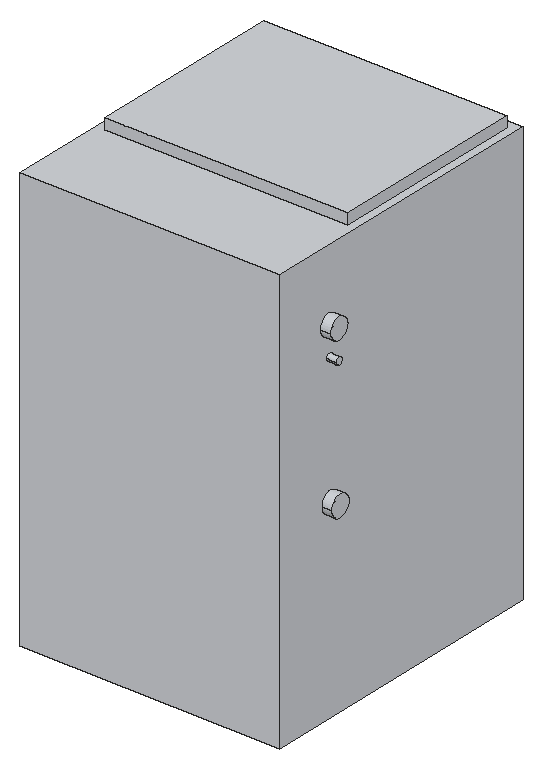
Revit family "M_Fornalha a gás - Ferro fundido - Ventilação direta", category Equipamento mecânico, Revit 2019
Family settings
  Cota do conector redondo = Usar raio
  Tipo de parte = Normal
  Número OmniClass = 23.75.10.11.17.11
  Título OmniClass = Furnaces
  ID de item do Seek = Gas Fired Furnace - Direct Vent-0000-CAN-ENU
  Com base no plano de trabalho = Não
  Sempre na vertical = Sim
  Corte com vazios quando carregada = Não
  Compartilhado = Não
  Ponto de cálculo do ambiente = Não
Parameters (values of type "11 kW")
  dd = 17.5 mm
  Raio da ventilação = Diâmetro da ventilação / 2  # 25 mm
  Diâmetro da ventilação = 50 mm
  Largura do ar de fornecimento = 581 mm
  Altura do ar de fornecimento = 475 mm
  Largura do ar de retorno = 575 mm
  Altura do ar de retorno = 614 mm
  Capacidade de saída [instance] = 11000 W
  Material = none
  Raio do gás = Diâmetro do gás / 2  # 7.5 mm
  Queda de pressão do gás [instance] = 0.0 Pa
  Fluxo de gás [instance] = 0.0 L/s
  Diâmetro do gás = 15 mm
  Largura da fornalha = 724 mm
  Comprimento da fornalha = 622 mm
  Altura da fornalha = 1013 mm
  Queda de pressão do ar de exaustão [instance] = 0.0 Pa
  Fluxo do ar de exaustão [instance] = 0.0 L/s
  Raio do ar da combustão = Diâmetro do ar da combustão / 2  # 25 mm
  Queda de pressão do ar da combustão? [instance] = 0.0 Pa
  Fluxo do ar da combustão [instance] = 0.0 L/s
  Diâmetro do ar da combustão = 50 mm
  Queda de pressão do ar [instance] = 0.0 Pa
  Fluxo de ar [instance] = 661.0 L/s
Types (6, lengths in mm): name | dd | Raio da ventilação | Diâmetro da ventilação | Largura do ar de fornecimento | Largura do ar de retorno | Altura do ar de retorno | Capacidade de saída | Comprimento da fornalha | Raio do ar da combustão | Diâmetro do ar da combustão | Fluxo de ar
  (no name) | 17.5 | 25 | 50 | 581 | 575 | 614 | 11000 W | 622 | 25 | 50 | 661.0 L/s
  11 kW | 17.5 | 25 | 50 | 581 | 575 | 614 | 11000 W | 622 | 25 | 50 | 661.0 L/s
  17 kW | 92.1 | 25 | 50 | 40 | 400 | 600 | 16700 W | 445 | 25 | 50 | 708.0 L/s
  22 kW | 92.1 | 25 | 50 | 492 | 495 | 614 | 22000 W | 534 | 25 | 50 | 939.0 L/s
  28 kW | 92.1 | 32.5 | 65 | 492 | 495.3 | 614.4 | 27500 W | 533 | 32.5 | 65 | 944.0 L/s
  33 kW | 92.1 | 40 | 80 | 581 | 575 | 614 | 33100 W | 622 | 40 | 80 | 991.0 L/s
Reference planes
  plane 1 "Centro (Frente/Trás)": y = 0
  plane 2: z = 0
  plane 3 "Centro (Esquerda/Direita)": x = 0
  plane 4: x = -622
  plane 5: y = -724
  plane 6: x = -601.5
  plane 7: x = -20.5
  plane 8: y = -20.638
  plane 9: y = -495.638
  plane 10: z = 1013
  plane 11: y = -579.967
  plane 12: z = 844.55
  plane 13: x = -311
  plane 14: z = 774.7
  plane 15: z = 463.55
  plane 16: y = -576.263
  plane 17: y = -631.463
  plane 18: y = -17.463
  plane 19: x = -598.5
  plane 20: x = -23.5
Forms (mm)
  Extrusion 1, solid, material <- "Material"
    sketch origin (0, 0, 0) x (1, 0, 0) y (0, 1, 0)
      loop
        line (-622, 0) -> (-622, -724) -> (0, -724) -> (0, 0) -> (-622, 0)
    from 0 to 1013
  Extrusion 2, solid, material <- "Material"
    sketch origin (0, 0, 0) x (1, 0, 0) y (0, 1, 0)
      loop
        line (-601.5, -20.638) -> (-601.5, -495.638) -> (-20.5, -495.638) -> (-20.5, -20.638) -> (-601.5, -20.638)
    from 1038.4 to 1013
  Extrusion 3, solid, material <- "Material"
    sketch origin (0, 0, 0) x (0, 1, 0) y (0, 0, 1)
      loop
        circle (-579.967, 844.55) r 25
      loop
        circle (-579.967, 774.7) r 7.5
      loop
        circle (-576.263, 463.55) r 25
    from 0 to 25.4
  Extrusion 4, solid, material <- "Material"
    sketch origin (0, 0, 0) x (1, 0, 0) y (0, 1, 0)
      loop
        line (-598.5, -17.463) -> (-598.5, -631.463) -> (-23.5, -631.463) -> (-23.5, -17.463) -> (-598.5, -17.463)
    from 0 to 50.8
Cuts and joins
  joined: Extrusion 1, Extrusion 2, Extrusion 3, Extrusion 4
Lines and regions (mm)
  model lines
    curve 1: line (-598.5, -631.463, 0) -> (-23.5, -631.463, 0)
    curve 2: line (-598.5, -17.463, 0) -> (-598.5, -631.463, 0)
    curve 3: line (-23.5, -17.463, 0) -> (-598.5, -17.463, 0)
    curve 4: line (-23.5, -631.463, 0) -> (-23.5, -17.463, 0)
Dimensions and locks
  "Comprimento da fornalha": plane 4 to plane 3 "Centro (Esquerda/Direita)"
  "Largura da fornalha": plane 5 to plane 1 "Centro (Frente/Trás)"
  locked: plane 8 to plane 1 "Centro (Frente/Trás)" at 20.637
  "Altura do ar de fornecimento": plane 8 to plane 9
  "Altura da fornalha": plane 10 to plane 2
  locked: Extrusion 2 to plane 10 at 25.4
  locked: plane 11 to plane 1 "Centro (Frente/Trás)" at 579.967
  locked: plane 12 to plane 2 at 844.55
  equal spacing: plane 4, plane 13, plane 3 "Centro (Esquerda/Direita)"
  "Largura do ar de fornecimento": plane 6 to plane 7
  equal spacing: plane 6, plane 13, plane 7
  locked: plane 14 to plane 2 at 774.7
  locked: plane 15 to plane 2 at 463.55
  locked: plane 16 to plane 1 "Centro (Frente/Trás)" at 576.263
  locked: Extrusion 3 to plane 3 "Centro (Esquerda/Direita)" at 25.4
  "Altura do ar de retorno": plane 18 to plane 17
  equal spacing: plane 19, plane 13, plane 20
  "Largura do ar de retorno": plane 19 to plane 20
  locked: Extrusion 4 to plane 2 at 50.8
  locked: plane 1 "Centro (Frente/Trás)" to plane 18 at 17.462
  "Raio do ar da combustão": radius of Extrusion 3 sketch curve
  "Raio do gás": radius of Extrusion 3 sketch curve
  "Raio da ventilação": radius of Extrusion 3 sketch curve
  aligned and locked: plane 4 to Extrusion 1 sketch curve
  aligned and locked: plane 1 "Centro (Frente/Trás)" to Extrusion 1 sketch curve
  aligned and locked: plane 5 to Extrusion 1 sketch curve
  aligned and locked: Extrusion 1 sketch curve to plane 3 "Centro (Esquerda/Direita)"
  aligned and locked: plane 10 to Extrusion 1
  aligned and locked: Extrusion 1 to plane 2
  aligned and locked: plane 6 to Extrusion 2 sketch curve
  aligned and locked: Extrusion 2 sketch curve to plane 8
  aligned and locked: plane 9 to Extrusion 2 sketch curve
  aligned and locked: Extrusion 2 sketch curve to plane 7
  aligned and locked: plane 10 to Extrusion 2
  aligned and locked: plane 11 to Extrusion 3 sketch curve  (x2)
  aligned and locked: plane 12 to Extrusion 3 sketch curve
  aligned and locked: plane 14 to Extrusion 3 sketch curve
  aligned and locked: plane 15 to Extrusion 3 sketch curve
  aligned and locked: plane 16 to Extrusion 3 sketch curve
  aligned and locked: Extrusion 3 to plane 3 "Centro (Esquerda/Direita)"
  aligned and locked: plane 19 to Extrusion 4 sketch curve
  aligned and locked: Extrusion 4 sketch curve to plane 18
  aligned and locked: plane 17 to Extrusion 4 sketch curve
  aligned and locked: plane 20 to Extrusion 4 sketch curve
  aligned and locked: Extrusion 4 to plane 2
  aligned and locked: curve 2 to plane 19
  aligned and locked: curve 4 to plane 20
  aligned and locked: plane 18 to curve 3
  aligned and locked: curve 1 to plane 17
Connectors
  hvac at (-311, -258.138, 1038.4), driven by "Fluxo de ar", driven by "Altura do ar de fornecimento", driven by "Largura do ar de fornecimento", driven by "Queda de pressão do ar"
    settings: on Extrusion 2, index 1, duct flow 661.0 L/s, flow factor 0, pres drop 0.0 Pa, loss coef 0, conn angle 0.00°, conn width 581 mm, conn height 475 mm, conn diameter 609.6 mm, duct sys type 1, conn prof type 1, flow config 0, flow direction 2, loss method 4, conn ref index 2, conn util no, is conn primary yes, conn desc ""
  hvac at (-311, -324.463, 0), driven by "Altura do ar de retorno", driven by "Largura do ar de retorno", driven by "Fluxo de ar"
    settings: on Extrusion 4, index 2, duct flow 661.0 L/s, flow factor 0, pres drop 0.0 Pa, loss coef 0, conn angle 0.00°, conn width 575 mm, conn height 614 mm, conn diameter 609.6 mm, duct sys type 2, conn prof type 1, flow config 0, flow direction 1, loss method 4, conn ref index 1, conn util no, is conn primary no, conn desc ""
  piping at (25.4, -579.967, 774.7), diameter 15, driven by "Fluxo de gás", driven by "Queda de pressão do gás", driven by "Raio do gás"
    settings: on cut or joined group of Extrusion 1, Extrusion 2, Extrusion 3, Extrusion 4, index 3, connector inside diameter 15 mm, connector length 0 mm, flow factor 0, pipe flow 0.0 L/s, pressure drop 0.0 Pa, fitting loss kfactor 0, connector angle 0.00°, fixture units 0, engagement length 0 mm, angle of deflection 0.00°, flow configuration 1, flow direction 1, fitting loss method 4, system type 22, joint type 0, gender type 0, connector reference index -1, connector utility 0, adjustable connector no, is connector primary yes, connector description "Entrada de gás"
  piping at (25.4, -579.967, 844.55), diameter 50, driven by "Raio do ar da combustão", driven by "Fluxo do ar da combustão", driven by "Queda de pressão do ar da combustão?"
    settings: on cut or joined group of Extrusion 1, Extrusion 2, Extrusion 3, Extrusion 4, index 4, connector inside diameter 50 mm, connector length 0 mm, flow factor 0, pipe flow 0.0 L/s, pressure drop 0.0 Pa, fitting loss kfactor 0, connector angle 0.00°, fixture units 0, engagement length 0 mm, angle of deflection 0.00°, flow configuration 1, flow direction 1, fitting loss method 4, system type 22, joint type 0, gender type 0, connector reference index -1, connector utility 0, adjustable connector no, is connector primary no, connector description "Entrada do ar da combustão"
  hvac at (25.4, -576.263, 463.55), driven by "Raio da ventilação", driven by "Queda de pressão do ar de exaustão", driven by "Fluxo do ar de exaustão"
    settings: on cut or joined group of Extrusion 1, Extrusion 2, Extrusion 3, Extrusion 4, index 5, duct flow 0.0 L/s, flow factor 0, pres drop 0.0 Pa, loss coef 0, conn angle 0.00°, conn width 304.8 mm, conn height 304.8 mm, conn diameter 50 mm, duct sys type 3, conn prof type 0, flow config 1, flow direction 2, loss method 4, conn ref index -1, conn util no, is conn primary no, conn desc ""
